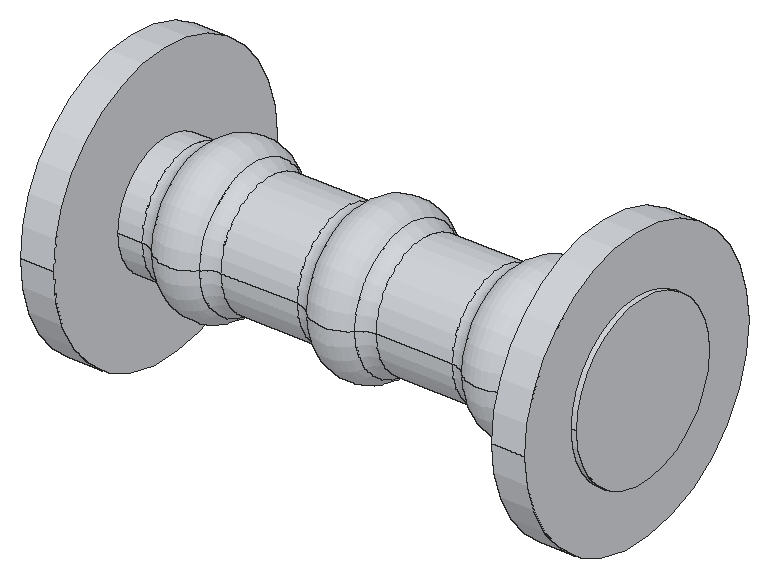
Revit family "ピュアジョイント 32A+40A", category Pipe Accessories, Revit 2024
Family settings
  Round Connector Dimension = Use Radius
  Part Type = Inline Sensor
  Work Plane-Based = No
  Always vertical = No
  Cut with Voids When Loaded = No
  Shared = No
Parameters
  DN/2 [instance] = DN / 2  # 16 mm
  DN [instance] = 32 mm
  Thickness [instance] = size_lookup("ピュアジョイント 32A +40A", "Thickness", 16 mm, DN)  # 16 mm
  L [instance] = size_lookup("ピュアジョイント 32A +40A", "L", 250 mm, DN)  # 250 mm
  Default Elevation = 0 mm
  DN2 [instance] = size_lookup("ピュアジョイント 32A +40A", "DN2", 135 mm, DN)  # 135 mm
  DN1 [instance] = size_lookup("ピュアジョイント 32A +40A", "DN1", 80 mm, DN)  # 80 mm
Reference planes
  plane 1 "Center (Front/Back)": y = 0
  plane 2: z = 0
  plane 3 "Center (Left/Right)": x = -21.428
Forms (mm)
  Extrusion 1, solid
    sketch origin (-21.428, 0, 0) x (0, 1, 0) y (0, 0, 1)
      loop
        circle (0, 0) r 40
    from -122 to -125
  Extrusion 2, solid
    sketch origin (-21.428, 0, 0) x (0, 1, 0) y (0, 0, 1)
      loop
        circle (0, 0) r 40
    from 122 to 125
  Extrusion 3, solid
    sketch origin (-21.428, 0, 0) x (0, 1, 0) y (0, 0, 1)
      loop
        circle (0, 0) r 67.5
    from -106 to -122
  Extrusion 4, solid
    sketch origin (-21.428, 0, 0) x (0, 1, 0) y (0, 0, 1)
      loop
        circle (0, 0) r 67.5
    from 122 to 106
  Revolve 5, solid
    sketch origin (0, 0, 0) x (1, 0, 0) y (0, 1, 0)
      loop
        line (-115.448, 29) -> (-127.428, 29) -> (-127.428, 0) -> (84.572, 0) -> (84.572, 29) -> (72.593, 29)
        arc (72.593, 29) -> (68.514, 29.87) -> (65.145, 32.327) r 10
        arc (65.145, 32.327) -> (53.572, 37.497) -> (42, 32.327) r 15.537
        arc (42, 32.327) -> (38.631, 29.87) -> (34.552, 29) r 10
        line (34.552, 29) -> (-2.407, 29)
        arc (-2.407, 29) -> (-6.486, 29.87) -> (-9.855, 32.327) r 10
        arc (-9.855, 32.327) -> (-21.428, 37.497) -> (-33, 32.327) r 15.537
        arc (-33, 32.327) -> (-36.369, 29.87) -> (-40.448, 29) r 10
        line (-40.448, 29) -> (-77.407, 29)
        arc (-77.407, 29) -> (-81.486, 29.87) -> (-84.855, 32.327) r 10
        arc (-84.855, 32.327) -> (-96.428, 37.497) -> (-108, 32.327) r 15.537
        arc (-108, 32.327) -> (-111.369, 29.87) -> (-115.448, 29) r 10
      axis (84.572, 0) -> (-127.428, 0)
    angle from 0 to 360
Dimensions and locks
  locked: Extrusion 1 to Extrusion 1 at 3
  locked: Extrusion 2 to Extrusion 2 at 3
  Revolve 5 sketch curve to Revolve 5 sketch curve = 36.959 mm  (x2)
  Revolve 5 sketch curve to Revolve 5 sketch curve = 11.979 mm  (x2)
  aligned and locked: level to plane 2
  aligned and locked: Extrusion 1 to Extrusion 3
  aligned and locked: Extrusion 2 to Extrusion 4
  aligned and locked: Revolve 5 to Extrusion 3
  aligned and locked: Extrusion 4 to Revolve 5
Connectors
  piping at (-146.428, 0, 0), diameter 32, driven by "DN/2"
    settings: on Extrusion 1, index 1, connector inside diameter 609.6 mm, connector length 0 mm, flow factor 0, pipe flow 0.0 L/s, pressure drop 0.0 Pa, fitting loss kfactor 0, connector angle 0.00°, fixture units 0, engagement length 0 mm, angle of deflection 0.00°, flow configuration 0, flow direction 0, fitting loss method 0, system type 7, joint type 0, gender type 0, connector reference index -1, connector utility 0, adjustable connector no, is connector primary yes, connector description ""
  piping at (100.572, 0, 0), diameter 32, driven by "DN/2"
    settings: on Extrusion 2, index 2, connector inside diameter 609.6 mm, connector length 0 mm, flow factor 0, pipe flow 0.0 L/s, pressure drop 0.0 Pa, fitting loss kfactor 0, connector angle 0.00°, fixture units 0, engagement length 0 mm, angle of deflection 0.00°, flow configuration 0, flow direction 0, fitting loss method 0, system type 7, joint type 0, gender type 0, connector reference index -1, connector utility 0, adjustable connector no, is connector primary no, connector description ""
